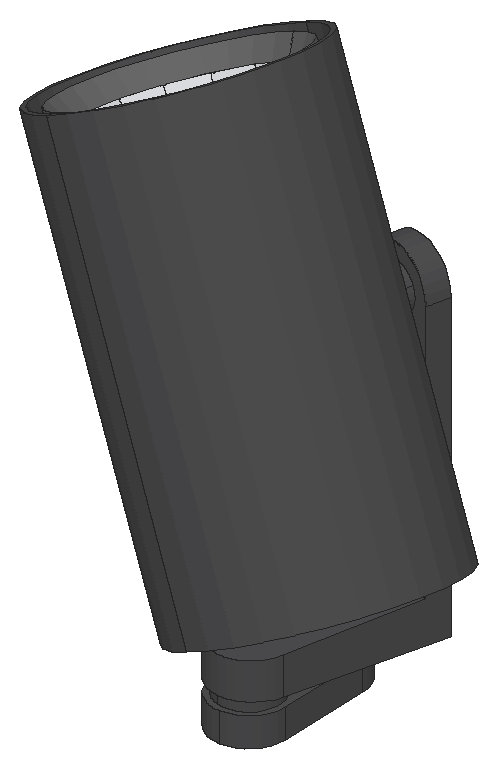
Revit family "Canilo", category Lighting Fixtures, host Face, Revit 2017
Family settings
  Host = Face
  Round Connector Dimension = Use Diameter
  Part Type = Normal
  OmniClass Number = 23.80.70.11
  OmniClass Title = Luminaries for Internal Lighting
  Cut with Voids When Loaded = No
  Light Source = No
  Shared = Yes
  Room Calculation Point = No
Parameters (values of type "CANILO  3P 05 LED2000-M VFL-c ETDD 05")
  z_rotation_calc [instance] = Z Rotation + 270.00°  # 285.00°
  system luminous flux = 1890 lm
  sample = ""
  profile = ""
  Z Rotation [instance] = 15.00°
  Y Rotation [instance] = 25.00°
  Width = 125 mm
  Weight = 1.8
  URL = "http://www.oktalite.com/"
  TK_Shade = ""
  TK_Optic = "10147536"
  TK_Frame = ""
  TK_Driver = ""
  TK_Body = "10161299"
  System performance = 31 VA
  Suspension length = 0
  Suspension Height = 0 mm
  SEO = Oktalite_Canilo_WH3100
  Reference = "CANILO"
  ProductDataSheet = "http://www.oktalite.com/datasheet_print.php?language=EN&productid=63&lampid=91"
  Mounting = "3-circuit track adapter"
  Modules = ""
  Module = ""
  Model = ""
  Material = ""
  Mat = Oktalite_Alu_RAL_9005
  Manufacturer = "Oktalite"  # constant formula
  Luminaire colour = "RAL 9005 jet black"
  Lumen category = "2000 lm"
  Lighting technology = "LED IQ"
  Light colour = "M"
  Light Source = Canilo_LS : CANILO_LED_SP_2700_2705
  Length = 105 mm
  Lamp = Lighting technology  # "LED IQ"
  Installation depth = 0
  IESFile = "CANILO_LED IQ_VFL.ies"
  Height = 215 mm
  Frame = ""
  DegreeOfProtection = "IP20"
  Default Elevation = 0 mm
  Cover / filter = "clear"
  Colour of lamp shade = ""
  Ceiling cut-out = 0 mm
  Canilo_Deko_Mat = Oktalite_Alu_RAL_9016
  CRI = "-"
  Beam angle = "Very Wide Flood"
  Apparent Load = System performance  # 31 VA
Reference planes
  plane 1 "Center (Front/Back)": y = 0
  plane 2: z = 0
  plane 3 "Center (Left/Right)": x = 0
  plane 4: x = 52.5
  plane 5: x = -52.5
  plane 6: y = 62.5
  plane 7: y = -62.5
  plane 8 "GH": z = 0
  plane 9: z = 143.25
Lines and regions (mm)
  reference lines
    curve 1: line (0, 0, 0) -> (113.837, 424.846, 0)
    curve 2: line (0, 0, 143.25) -> (40.065, -10.735, 54.299)
    curve 3: line (0, 0, 0) -> (0, 0, 143.25)
Dimensions and locks
  equal spacing: plane 7, plane 1 "Center (Front/Back)", plane 6
  "Width": plane 7 to plane 6
  equal spacing: plane 5, plane 3 "Center (Left/Right)", plane 4
  "Length": plane 5 to plane 4
  "Suspension Height": plane 8 "GH" to level
  plane 9 to plane 8 "GH" = 143.25 mm
  "z_rotation_calc": angle curve 1 to plane 1 "Center (Front/Back)"
  "Y Rotation": angle curve 2 to curve 3
  aligned and locked: plane 2 to host face
  aligned and locked: level to host face
  aligned and locked: plane 3 "Center (Left/Right)" to curve 1
  aligned and locked: plane 1 "Center (Front/Back)" to curve 1
  aligned and locked: plane 9 to curve 2
Automatic sketch dimensions
  host sketch curve to host sketch curve = 2438.4 mm  (x2)
  curve 3 to plane 9 = 0 mm
  curve 3 to plane 8 "GH" = 0 mm
  curve 2 to curve 3 = 0 mm
Nested families
  nested 1: "Oktalite_3P" at (0, 20, 0) x (-1, 0, 0) z (0, 0, 1), type "Oktalite_3P"
  nested 2: "Canilo_LS" at (-36.689, 9.885, 224.836) x (-0.8717, -0.3416, -0.3514) z (-0.4082, 0.1094, 0.9063), type <- "Light Source", type "CANILO_LED_SP_2700_2705"
  nested 3: "Canilo_br" at (0, 0, 0) x (0.2588, 0.9659, 0) z (0, 0, 1), type "Canilo_br"
  nested 4: "Canilo_lumhead" at (58.498, -15.674, 13.376) x (0.2588, 0.9659, 0) z (-0.4082, 0.1094, 0.9063), type "Canilo_lumhead"
Connectors
  electrical at (0, 20, 0), driven by "Apparent Load"
    settings: on nested 1, index 1, voltage 230 V, apparent load 0 VA, apparent load phase1 31 VA, apparent load phase2 0 VA, apparent load phase3 0 VA, power factor 1, load classification "Lighting", number of poles 1, system type 31, power factor state 1, is connector primary yes, connector utility no, sub classification motor no, connector description ""
Definition of nested family "Oktalite_3P"
  Parameters
    Mat = none
    Default Elevation = 1219.2 mm
  Reference planes
    plane 1 "Center (Front/Back)": y = 0
    plane 2: z = 0
    plane 3 "Center (Left/Right)": x = 0
  Forms (mm)
    Extrusion 1, solid, material <- "Mat"
      sketch origin (0, 0, 0) x (1, 0, 0) y (0, 1, 0)
        loop
          line (-15, 20) -> (-15, -20)
          arc (-15, -20) -> (-10.607, -30.607) -> (0, -35) r 15
          arc (0, -35) -> (10.607, -30.607) -> (15, -20) r 15
          line (15, -20) -> (15, 20)
          arc (15, 20) -> (10.607, 30.607) -> (0, 35) r 15
          arc (0, 35) -> (-10.607, 30.607) -> (-15, 20) r 15
      from 0 to 12
  Dimensions and locks
    aligned and locked: level to plane 2
Definition of nested family "Canilo_br"
  Parameters
    Mat = none
    Default Elevation = 1219.2 mm
  Reference planes
    plane 1 "Center (Front/Back)": y = 0
    plane 2: z = 0
    plane 3 "Center (Left/Right)": x = 0
  Forms (mm)
    Extrusion 1, solid, material <- "Mat"
      sketch origin (0, 0, 0) x (1, 0, 0) y (0, 1, 0)
        loop
          circle (0, 0) r 12.5
      from 12 to 17.302
    Extrusion 2, solid, material <- "Mat"
      sketch origin (0, 0, 0) x (1, 0, 0) y (0, 0, 1)
        loop
          line (-14.613, 17.302) -> (68.18, 17.302) -> (68.18, 158.834) -> (58.18, 158.834) -> (58.18, 34.844) -> (-14.613, 32.302) -> (-14.613, 17.302)
      from -16.5 to 16.5
    Extrusion 3, void
      sketch origin (0, 0, 0) x (1, 0, 0) y (0, 1, 0)
        loop
          line (1.887, 16.5) -> (1.887, 18.5) -> (-16.587, 18.5) -> (-16.587, -18.5) -> (1.887, -18.5) -> (1.887, -16.5)
          arc (1.887, -16.5) -> (-14.613, 0) -> (1.887, 16.5) r 16.5
      from 15.262 to 34.519
    Extrusion 4, void
      sketch origin (0, 0, 0) x (0, 1, 0) y (0, 0, 1)
        loop
          line (-18.5, 142.334) -> (-16.5, 142.334)
          arc (-16.5, 142.334) -> (0, 158.834) -> (16.5, 142.334) r 16.5
          line (16.5, 142.334) -> (18.5, 142.334) -> (18.5, 160.834) -> (-18.5, 160.834) -> (-18.5, 142.334)
      from 58.18 to 68.18
  Cuts and joins
    Extrusion 3, Extrusion 4 cuts Extrusion 2
  Dimensions and locks
    aligned and locked: level to plane 2
Definition of nested family "Canilo_lumhead"
  Parameters
    SEO = none
    Mat = none
    Default Elevation = 1219.2 mm
    Canilo_Deko_Mat = none
  Reference planes
    plane 1 "Center (Front/Back)": y = 0
    plane 2: z = 0
    plane 3 "Center (Left/Right)": x = 0
  Forms (mm)
    Revolve 1, solid, material <- "Mat"
      sketch origin (0, 0, 0) x (1, 0, 0) y (0, 0, 1)
        loop
          line (-52.547, 233.303) -> (-52.547, 53.303) -> (-49.547, 53.303) -> (-49.547, 63.303) -> (-45.547, 63.303) -> (-45.547, 53.303) -> (-43.547, 53.303) -> (-43.547, 55.303) -> (0, 55.303) -> (0, 223.303) -> (-40.547, 223.303) -> (-45.547, 231.915) -> (-45.547, 223.303) -> (-50.547, 223.303) -> (-50.547, 233.303) -> (-52.547, 233.303)
        axis (0, 233.303) -> (0, 53.303)
      angle from 0 to 360
    Extrusion 2, solid, material <- "Mat"
      sketch origin (0, 0, 0) x (0, 1, 0) y (0, 0, 1)
        loop
          circle (0, 142.334) r 10.25
      from 50.73 to 58.18
    Extrusion 3, void
      sketch origin (0, 0, 0) x (0, 1, 0) y (0, 0, 1)
        loop
          line (-13, 53.303) -> (13, 53.303) -> (13, 142.334)
          arc (13, 142.334) -> (0, 155.334) -> (-13, 142.334) r 13
          line (-13, 142.334) -> (-13, 53.303)
      from 50.73 to 53.61
    Blend 4, void
      base sketch origin (0, 0, 0) x (1, 0, 0) y (0, 1, 0)
        loop
          line (0, 40.547) -> (-15.517, 37.46) -> (-28.671, 28.671) -> (-37.46, 15.517) -> (-40.547, 0) -> (-37.46, -15.517) -> (-28.671, -28.671) -> (-15.517, -37.46) -> (0, -40.547) -> (15.517, -37.46) -> (28.671, -28.671) -> (37.46, -15.517) -> (40.547, 0) -> (37.46, 15.517) -> (28.671, 28.671) -> (15.517, 37.46) -> (0, 40.547)
      top sketch origin (0, 0, 0) x (1, 0, 0) y (0, 1, 0)
        loop
          line (0, 15) -> (-5.74, 13.858) -> (-10.607, 10.607) -> (-13.858, 5.74) -> (-15, 0) -> (-13.858, -5.74) -> (-10.607, -10.607) -> (-5.74, -13.858) -> (0, -15) -> (5.74, -13.858) -> (10.607, -10.607) -> (13.858, -5.74) -> (15, 0) -> (13.858, 5.74) -> (10.607, 10.607) -> (5.74, 13.858) -> (0, 15)
      from 223.303 to 173.3
  Cuts and joins
    Extrusion 3, Blend 4 cuts Revolve 1
  Dimensions and locks
    aligned and locked: level to plane 2
    aligned and locked: Revolve 1 sketch curve to plane 3 "Center (Left/Right)"
Definition of nested family "Canilo_LS"
  Parameters
    Wattage = 36 W
    built-in parameter 1150110 = 1 (stored number, unit not read)
    built-in parameter 1114217 = 1 (stored number, unit not read)
    Tilt Angle = -90.00°
    built-in parameter 1150109 = 1 (stored number, unit not read)
    built-in parameter 1150134 = 1
    built-in parameter 1150113 = 1 (stored number, unit not read)
    Photometric Web File = "Canilo_LED_WFL.ies"
    Lumens = 3625 lm
    built-in parameter 1150115 = 1 (stored number, unit not read)
    built-in parameter 1150105 = 109.82 (stored number, unit not read)
    built-in parameter 1150137 = (empty or 0)
    built-in parameter 1150139 = (empty or 0)
    built-in parameter 1150112 = 1 (stored number, unit not read)
    built-in parameter 1150114 = 1 (stored number, unit not read)
    Lamp = "LED IQ"
    built-in parameter 1150132 = 2
    built-in parameter 1150102 = (empty or 0)
    built-in parameter 1150138 = (empty or 0)
    built-in parameter 1150107 = 4000 (stored number, unit not read)
    built-in parameter 1150106 = 1.0982 (stored number, unit not read)
    built-in parameter 1150104 = 13.8 (stored number, unit not read)
    Dimming Lamp Color Temperature Shift = (empty or 0)
    Default Elevation = 1219.2 mm
    Color Filter = 16777215
    Beam angle = "Wide Flood"
    built-in parameter 1114218 = 1 (stored number, unit not read)
    built-in parameter 1150133 = 10 (stored number, unit not read)
  Reference planes
    plane 1 "Light Source Axis (F/B)": y = 0
    plane 2: z = 0
    plane 3 "Light Source Axis (L/R)": x = 0
    plane 4 "Light Source Elevation": z = 0
  Dimensions and locks
    aligned and locked: plane 3 "Light Source Axis (L/R)" to imposter light
    aligned and locked: plane 1 "Light Source Axis (F/B)" to imposter light
    aligned and locked: plane 4 "Light Source Elevation" to imposter light
    aligned and locked: level to plane 2
Types (810, lengths in mm): name | system luminous flux | TK_Optic | TK_Body | System performance | SEO | ProductDataSheet | Mat | Luminaire colour | Lumen category | Lighting technology | Light colour | Lamp | IESFile | Cover / filter | CRI | Beam angle | Apparent Load
  CANILO  3P 05 LED2000-M VFL-c ETDD 05 | 1890 lm | "10147536" | "10161299" | 31 VA | Oktalite_Canilo_WH3100 | "http://www.oktalite.com/datasheet_print.php?language=EN&productid=63&lampid=91" | Oktalite_Alu_RAL_9005 | "RAL 9005 jet black" | "2000 lm" | "LED IQ" | "M" | "LED IQ" | "CANILO_LED IQ_VFL.ies" | "clear" | "-" | "Very Wide Flood" | 31 VA
  CANILO  3P 05 LED2000-M VFL  ETDD 05 | 1890 lm | "10147502" | "10161299" | 31 VA | Oktalite_Canilo_WH3100 | "http://www.oktalite.com/datasheet_print.php?language=EN&productid=63&lampid=91" | Oktalite_Alu_RAL_9005 | "RAL 9005 jet black" | "2000 lm" | "LED IQ" | "M" | "LED IQ" | "CANILO_LED IQ_VFL.ies" | "without" | "-" | "Very Wide Flood" | 31 VA
  CANILO  3P 05 LED2000-M WFL-c ETDD 05 | 1890 lm | "10147535" | "10161299" | 31 VA | Oktalite_Canilo_WH3100 | "http://www.oktalite.com/datasheet_print.php?language=EN&productid=63&lampid=91" | Oktalite_Alu_RAL_9005 | "RAL 9005 jet black" | "2000 lm" | "LED IQ" | "M" | "LED IQ" | "CANILO_LED IQ_WFL.ies" | "clear" | "-" | "Wide Flood" | 31 VA
  CANILO  3P 05 LED2000-M WFL  ETDD 05 | 1890 lm | "10147501" | "10161299" | 31 VA | Oktalite_Canilo_WH3100 | "http://www.oktalite.com/datasheet_print.php?language=EN&productid=63&lampid=91" | Oktalite_Alu_RAL_9005 | "RAL 9005 jet black" | "2000 lm" | "LED IQ" | "M" | "LED IQ" | "CANILO_LED IQ_WFL.ies" | "without" | "-" | "Wide Flood" | 31 VA
  CANILO  3P 05 LED2000-M FL-c ETDD 05 | 1890 lm | "10127064" | "10161299" | 31 VA | Oktalite_Canilo_WH3100 | "http://www.oktalite.com/datasheet_print.php?language=EN&productid=63&lampid=91" | Oktalite_Alu_RAL_9005 | "RAL 9005 jet black" | "2000 lm" | "LED IQ" | "M" | "LED IQ" | "CANILO_LED IQ_FL.ies" | "clear" | "-" | "Flood" | 31 VA
  CANILO  3P 05 LED2000-M FL  ETDD 05 | 1890 lm | "10125196" | "10161299" | 31 VA | Oktalite_Canilo_WH3100 | "http://www.oktalite.com/datasheet_print.php?language=EN&productid=63&lampid=91" | Oktalite_Alu_RAL_9005 | "RAL 9005 jet black" | "2000 lm" | "LED IQ" | "M" | "LED IQ" | "CANILO_LED IQ_FL.ies" | "without" | "-" | "Flood" | 31 VA
  CANILO  3P 05 LED2000-M MF-c ETDD 05 | 1890 lm | "10127063" | "10161299" | 31 VA | Oktalite_Canilo_WH3100 | "http://www.oktalite.com/datasheet_print.php?language=EN&productid=63&lampid=91" | Oktalite_Alu_RAL_9005 | "RAL 9005 jet black" | "2000 lm" | "LED IQ" | "M" | "LED IQ" | "CANILO_LED IQ_MF.ies" | "clear" | "-" | "Medium Flood" | 31 VA
  CANILO  3P 05 LED2000-M MF  ETDD 05 | 1890 lm | "10125193" | "10161299" | 31 VA | Oktalite_Canilo_WH3100 | "http://www.oktalite.com/datasheet_print.php?language=EN&productid=63&lampid=91" | Oktalite_Alu_RAL_9005 | "RAL 9005 jet black" | "2000 lm" | "LED IQ" | "M" | "LED IQ" | "CANILO_LED IQ_MF.ies" | "without" | "-" | "Medium Flood" | 31 VA
  CANILO  3P 05 LED2000-M SP-c ETDD 05 | 1890 lm | "10127062" | "10161299" | 31 VA | Oktalite_Canilo_WH3100 | "http://www.oktalite.com/datasheet_print.php?language=EN&productid=63&lampid=91" | Oktalite_Alu_RAL_9005 | "RAL 9005 jet black" | "2000 lm" | "LED IQ" | "M" | "LED IQ" | "CANILO_LED IQ_SP.ies" | "clear" | "-" | "Spot" | 31 VA
  CANILO  3P 05 LED2000-M SP  ETDD 05 | 1890 lm | "10125190" | "10161299" | 31 VA | Oktalite_Canilo_WH3100 | "http://www.oktalite.com/datasheet_print.php?language=EN&productid=63&lampid=91" | Oktalite_Alu_RAL_9005 | "RAL 9005 jet black" | "2000 lm" | "LED IQ" | "M" | "LED IQ" | "CANILO_LED IQ_SP.ies" | "without" | "-" | "Spot" | 31 VA
  CANILO  3P 05 LED2000-M VFL-c ETDD 03 | 1890 lm | "10147536" | "10161298" | 31 VA | Oktalite_Canilo_WH3100 | "http://www.oktalite.com/datasheet_print.php?language=EN&productid=63&lampid=91" | Oktalite_Alu_RAL_9006 | "RAL 9006 white aluminium" | "2000 lm" | "LED IQ" | "M" | "LED IQ" | "CANILO_LED IQ_VFL.ies" | "clear" | "-" | "Very Wide Flood" | 31 VA
  CANILO  3P 05 LED2000-M VFL  ETDD 03 | 1890 lm | "10147502" | "10161298" | 31 VA | Oktalite_Canilo_WH3100 | "http://www.oktalite.com/datasheet_print.php?language=EN&productid=63&lampid=91" | Oktalite_Alu_RAL_9006 | "RAL 9006 white aluminium" | "2000 lm" | "LED IQ" | "M" | "LED IQ" | "CANILO_LED IQ_VFL.ies" | "without" | "-" | "Very Wide Flood" | 31 VA
  CANILO  3P 05 LED2000-M WFL-c ETDD 03 | 1890 lm | "10147535" | "10161298" | 31 VA | Oktalite_Canilo_WH3100 | "http://www.oktalite.com/datasheet_print.php?language=EN&productid=63&lampid=91" | Oktalite_Alu_RAL_9006 | "RAL 9006 white aluminium" | "2000 lm" | "LED IQ" | "M" | "LED IQ" | "CANILO_LED IQ_WFL.ies" | "clear" | "-" | "Wide Flood" | 31 VA
  CANILO  3P 05 LED2000-M WFL  ETDD 03 | 1890 lm | "10147501" | "10161298" | 31 VA | Oktalite_Canilo_WH3100 | "http://www.oktalite.com/datasheet_print.php?language=EN&productid=63&lampid=91" | Oktalite_Alu_RAL_9006 | "RAL 9006 white aluminium" | "2000 lm" | "LED IQ" | "M" | "LED IQ" | "CANILO_LED IQ_WFL.ies" | "without" | "-" | "Wide Flood" | 31 VA
  CANILO  3P 05 LED2000-M FL-c ETDD 03 | 1890 lm | "10127064" | "10161298" | 31 VA | Oktalite_Canilo_WH3100 | "http://www.oktalite.com/datasheet_print.php?language=EN&productid=63&lampid=91" | Oktalite_Alu_RAL_9006 | "RAL 9006 white aluminium" | "2000 lm" | "LED IQ" | "M" | "LED IQ" | "CANILO_LED IQ_FL.ies" | "clear" | "-" | "Flood" | 31 VA
  CANILO  3P 05 LED2000-M FL  ETDD 03 | 1890 lm | "10125196" | "10161298" | 31 VA | Oktalite_Canilo_WH3100 | "http://www.oktalite.com/datasheet_print.php?language=EN&productid=63&lampid=91" | Oktalite_Alu_RAL_9006 | "RAL 9006 white aluminium" | "2000 lm" | "LED IQ" | "M" | "LED IQ" | "CANILO_LED IQ_FL.ies" | "without" | "-" | "Flood" | 31 VA
  CANILO  3P 05 LED2000-M MF-c ETDD 03 | 1890 lm | "10127063" | "10161298" | 31 VA | Oktalite_Canilo_WH3100 | "http://www.oktalite.com/datasheet_print.php?language=EN&productid=63&lampid=91" | Oktalite_Alu_RAL_9006 | "RAL 9006 white aluminium" | "2000 lm" | "LED IQ" | "M" | "LED IQ" | "CANILO_LED IQ_MF.ies" | "clear" | "-" | "Medium Flood" | 31 VA
  CANILO  3P 05 LED2000-M MF  ETDD 03 | 1890 lm | "10125193" | "10161298" | 31 VA | Oktalite_Canilo_WH3100 | "http://www.oktalite.com/datasheet_print.php?language=EN&productid=63&lampid=91" | Oktalite_Alu_RAL_9006 | "RAL 9006 white aluminium" | "2000 lm" | "LED IQ" | "M" | "LED IQ" | "CANILO_LED IQ_MF.ies" | "without" | "-" | "Medium Flood" | 31 VA
  CANILO  3P 05 LED2000-M SP-c ETDD 03 | 1890 lm | "10127062" | "10161298" | 31 VA | Oktalite_Canilo_WH3100 | "http://www.oktalite.com/datasheet_print.php?language=EN&productid=63&lampid=91" | Oktalite_Alu_RAL_9006 | "RAL 9006 white aluminium" | "2000 lm" | "LED IQ" | "M" | "LED IQ" | "CANILO_LED IQ_SP.ies" | "clear" | "-" | "Spot" | 31 VA
  CANILO  3P 05 LED2000-M SP  ETDD 03 | 1890 lm | "10125190" | "10161298" | 31 VA | Oktalite_Canilo_WH3100 | "http://www.oktalite.com/datasheet_print.php?language=EN&productid=63&lampid=91" | Oktalite_Alu_RAL_9006 | "RAL 9006 white aluminium" | "2000 lm" | "LED IQ" | "M" | "LED IQ" | "CANILO_LED IQ_SP.ies" | "without" | "-" | "Spot" | 31 VA
  CANILO  3P 01 LED2000-M VFL-c ETDD 01 | 1890 lm | "10147536" | "10161297" | 31 VA | Oktalite_Canilo_WH3100 | "http://www.oktalite.com/datasheet_print.php?language=EN&productid=63&lampid=91" | Oktalite_Alu_RAL_9016 | "RAL 9016 traffic white" | "2000 lm" | "LED IQ" | "M" | "LED IQ" | "CANILO_LED IQ_VFL.ies" | "clear" | "-" | "Very Wide Flood" | 31 VA
  CANILO  3P 01 LED2000-M VFL  ETDD 01 | 1890 lm | "10147502" | "10161297" | 31 VA | Oktalite_Canilo_WH3100 | "http://www.oktalite.com/datasheet_print.php?language=EN&productid=63&lampid=91" | Oktalite_Alu_RAL_9016 | "RAL 9016 traffic white" | "2000 lm" | "LED IQ" | "M" | "LED IQ" | "CANILO_LED IQ_VFL.ies" | "without" | "-" | "Very Wide Flood" | 31 VA
  CANILO  3P 01 LED2000-M WFL-c ETDD 01 | 1890 lm | "10147535" | "10161297" | 31 VA | Oktalite_Canilo_WH3100 | "http://www.oktalite.com/datasheet_print.php?language=EN&productid=63&lampid=91" | Oktalite_Alu_RAL_9016 | "RAL 9016 traffic white" | "2000 lm" | "LED IQ" | "M" | "LED IQ" | "CANILO_LED IQ_WFL.ies" | "clear" | "-" | "Wide Flood" | 31 VA
  CANILO  3P 01 LED2000-M WFL  ETDD 01 | 1890 lm | "10147501" | "10161297" | 31 VA | Oktalite_Canilo_WH3100 | "http://www.oktalite.com/datasheet_print.php?language=EN&productid=63&lampid=91" | Oktalite_Alu_RAL_9016 | "RAL 9016 traffic white" | "2000 lm" | "LED IQ" | "M" | "LED IQ" | "CANILO_LED IQ_WFL.ies" | "without" | "-" | "Wide Flood" | 31 VA
  CANILO  3P 01 LED2000-M FL-c ETDD 01 | 1890 lm | "10127064" | "10161297" | 31 VA | Oktalite_Canilo_WH3100 | "http://www.oktalite.com/datasheet_print.php?language=EN&productid=63&lampid=91" | Oktalite_Alu_RAL_9016 | "RAL 9016 traffic white" | "2000 lm" | "LED IQ" | "M" | "LED IQ" | "CANILO_LED IQ_FL.ies" | "clear" | "-" | "Flood" | 31 VA
  CANILO  3P 01 LED2000-M FL  ETDD 01 | 1890 lm | "10125196" | "10161297" | 31 VA | Oktalite_Canilo_WH3100 | "http://www.oktalite.com/datasheet_print.php?language=EN&productid=63&lampid=91" | Oktalite_Alu_RAL_9016 | "RAL 9016 traffic white" | "2000 lm" | "LED IQ" | "M" | "LED IQ" | "CANILO_LED IQ_FL.ies" | "without" | "-" | "Flood" | 31 VA
  CANILO  3P 01 LED2000-M MF-c ETDD 01 | 1890 lm | "10127063" | "10161297" | 31 VA | Oktalite_Canilo_WH3100 | "http://www.oktalite.com/datasheet_print.php?language=EN&productid=63&lampid=91" | Oktalite_Alu_RAL_9016 | "RAL 9016 traffic white" | "2000 lm" | "LED IQ" | "M" | "LED IQ" | "CANILO_LED IQ_MF.ies" | "clear" | "-" | "Medium Flood" | 31 VA
  CANILO  3P 01 LED2000-M MF  ETDD 01 | 1890 lm | "10125193" | "10161297" | 31 VA | Oktalite_Canilo_WH3100 | "http://www.oktalite.com/datasheet_print.php?language=EN&productid=63&lampid=91" | Oktalite_Alu_RAL_9016 | "RAL 9016 traffic white" | "2000 lm" | "LED IQ" | "M" | "LED IQ" | "CANILO_LED IQ_MF.ies" | "without" | "-" | "Medium Flood" | 31 VA
  CANILO  3P 01 LED2000-M SP-c ETDD 01 | 1890 lm | "10127062" | "10161297" | 31 VA | Oktalite_Canilo_WH3100 | "http://www.oktalite.com/datasheet_print.php?language=EN&productid=63&lampid=91" | Oktalite_Alu_RAL_9016 | "RAL 9016 traffic white" | "2000 lm" | "LED IQ" | "M" | "LED IQ" | "CANILO_LED IQ_SP.ies" | "clear" | "-" | "Spot" | 31 VA
  CANILO  3P 01 LED2000-M SP  ETDD 01 | 1890 lm | "10125190" | "10161297" | 31 VA | Oktalite_Canilo_WH3100 | "http://www.oktalite.com/datasheet_print.php?language=EN&productid=63&lampid=91" | Oktalite_Alu_RAL_9016 | "RAL 9016 traffic white" | "2000 lm" | "LED IQ" | "M" | "LED IQ" | "CANILO_LED IQ_SP.ies" | "without" | "-" | "Spot" | 31 VA
  CANILO  3P 05 LED2000-M+F VFL-c ETDD 05 | 1785 lm | "10147536" | "10161308" | 31 VA | Oktalite_Canilo_WH3100 | "http://www.oktalite.com/datasheet_print.php?language=EN&productid=63&lampid=91" | Oktalite_Alu_RAL_9005 | "RAL 9005 jet black" | "2000 lm" | "LED IQ" | "M+F" | "LED IQ" | "CANILO_LED IQ_VFL.ies" | "clear" | "-" | "Very Wide Flood" | 31 VA
  CANILO  3P 05 LED2000-M+F VFL  ETDD 05 | 1785 lm | "10147502" | "10161308" | 31 VA | Oktalite_Canilo_WH3100 | "http://www.oktalite.com/datasheet_print.php?language=EN&productid=63&lampid=91" | Oktalite_Alu_RAL_9005 | "RAL 9005 jet black" | "2000 lm" | "LED IQ" | "M+F" | "LED IQ" | "CANILO_LED IQ_VFL.ies" | "without" | "-" | "Very Wide Flood" | 31 VA
  CANILO  3P 05 LED2000-M+F WFL-c ETDD 05 | 1785 lm | "10147535" | "10161308" | 31 VA | Oktalite_Canilo_WH3100 | "http://www.oktalite.com/datasheet_print.php?language=EN&productid=63&lampid=91" | Oktalite_Alu_RAL_9005 | "RAL 9005 jet black" | "2000 lm" | "LED IQ" | "M+F" | "LED IQ" | "CANILO_LED IQ_WFL.ies" | "clear" | "-" | "Wide Flood" | 31 VA
  CANILO  3P 05 LED2000-M+F WFL  ETDD 05 | 1785 lm | "10147501" | "10161308" | 31 VA | Oktalite_Canilo_WH3100 | "http://www.oktalite.com/datasheet_print.php?language=EN&productid=63&lampid=91" | Oktalite_Alu_RAL_9005 | "RAL 9005 jet black" | "2000 lm" | "LED IQ" | "M+F" | "LED IQ" | "CANILO_LED IQ_WFL.ies" | "without" | "-" | "Wide Flood" | 31 VA
  CANILO  3P 05 LED2000-M+F FL-c ETDD 05 | 1785 lm | "10127064" | "10161308" | 31 VA | Oktalite_Canilo_WH3100 | "http://www.oktalite.com/datasheet_print.php?language=EN&productid=63&lampid=91" | Oktalite_Alu_RAL_9005 | "RAL 9005 jet black" | "2000 lm" | "LED IQ" | "M+F" | "LED IQ" | "CANILO_LED IQ_FL.ies" | "clear" | "-" | "Flood" | 31 VA
  CANILO  3P 05 LED2000-M+F FL  ETDD 05 | 1785 lm | "10125196" | "10161308" | 31 VA | Oktalite_Canilo_WH3100 | "http://www.oktalite.com/datasheet_print.php?language=EN&productid=63&lampid=91" | Oktalite_Alu_RAL_9005 | "RAL 9005 jet black" | "2000 lm" | "LED IQ" | "M+F" | "LED IQ" | "CANILO_LED IQ_FL.ies" | "without" | "-" | "Flood" | 31 VA
  CANILO  3P 05 LED2000-M+F MF-c ETDD 05 | 1785 lm | "10127063" | "10161308" | 31 VA | Oktalite_Canilo_WH3100 | "http://www.oktalite.com/datasheet_print.php?language=EN&productid=63&lampid=91" | Oktalite_Alu_RAL_9005 | "RAL 9005 jet black" | "2000 lm" | "LED IQ" | "M+F" | "LED IQ" | "CANILO_LED IQ_MF.ies" | "clear" | "-" | "Medium Flood" | 31 VA
  CANILO  3P 05 LED2000-M+F MF  ETDD 05 | 1785 lm | "10125193" | "10161308" | 31 VA | Oktalite_Canilo_WH3100 | "http://www.oktalite.com/datasheet_print.php?language=EN&productid=63&lampid=91" | Oktalite_Alu_RAL_9005 | "RAL 9005 jet black" | "2000 lm" | "LED IQ" | "M+F" | "LED IQ" | "CANILO_LED IQ_MF.ies" | "without" | "-" | "Medium Flood" | 31 VA
  CANILO  3P 05 LED2000-M+F SP-c ETDD 05 | 1785 lm | "10127062" | "10161308" | 31 VA | Oktalite_Canilo_WH3100 | "http://www.oktalite.com/datasheet_print.php?language=EN&productid=63&lampid=91" | Oktalite_Alu_RAL_9005 | "RAL 9005 jet black" | "2000 lm" | "LED IQ" | "M+F" | "LED IQ" | "CANILO_LED IQ_SP.ies" | "clear" | "-" | "Spot" | 31 VA
  CANILO  3P 05 LED2000-M+F SP  ETDD 05 | 1785 lm | "10125190" | "10161308" | 31 VA | Oktalite_Canilo_WH3100 | "http://www.oktalite.com/datasheet_print.php?language=EN&productid=63&lampid=91" | Oktalite_Alu_RAL_9005 | "RAL 9005 jet black" | "2000 lm" | "LED IQ" | "M+F" | "LED IQ" | "CANILO_LED IQ_SP.ies" | "without" | "-" | "Spot" | 31 VA
  CANILO  3P 05 LED2000-M+F VFL-c ETDD 03 | 1785 lm | "10147536" | "10161307" | 31 VA | Oktalite_Canilo_WH3100 | "http://www.oktalite.com/datasheet_print.php?language=EN&productid=63&lampid=91" | Oktalite_Alu_RAL_9006 | "RAL 9006 white aluminium" | "2000 lm" | "LED IQ" | "M+F" | "LED IQ" | "CANILO_LED IQ_VFL.ies" | "clear" | "-" | "Very Wide Flood" | 31 VA
  CANILO  3P 05 LED2000-M+F VFL  ETDD 03 | 1785 lm | "10147502" | "10161307" | 31 VA | Oktalite_Canilo_WH3100 | "http://www.oktalite.com/datasheet_print.php?language=EN&productid=63&lampid=91" | Oktalite_Alu_RAL_9006 | "RAL 9006 white aluminium" | "2000 lm" | "LED IQ" | "M+F" | "LED IQ" | "CANILO_LED IQ_VFL.ies" | "without" | "-" | "Very Wide Flood" | 31 VA
  CANILO  3P 05 LED2000-M+F WFL-c ETDD 03 | 1785 lm | "10147535" | "10161307" | 31 VA | Oktalite_Canilo_WH3100 | "http://www.oktalite.com/datasheet_print.php?language=EN&productid=63&lampid=91" | Oktalite_Alu_RAL_9006 | "RAL 9006 white aluminium" | "2000 lm" | "LED IQ" | "M+F" | "LED IQ" | "CANILO_LED IQ_WFL.ies" | "clear" | "-" | "Wide Flood" | 31 VA
  CANILO  3P 05 LED2000-M+F WFL  ETDD 03 | 1785 lm | "10147501" | "10161307" | 31 VA | Oktalite_Canilo_WH3100 | "http://www.oktalite.com/datasheet_print.php?language=EN&productid=63&lampid=91" | Oktalite_Alu_RAL_9006 | "RAL 9006 white aluminium" | "2000 lm" | "LED IQ" | "M+F" | "LED IQ" | "CANILO_LED IQ_WFL.ies" | "without" | "-" | "Wide Flood" | 31 VA
  CANILO  3P 05 LED2000-M+F FL-c ETDD 03 | 1785 lm | "10127064" | "10161307" | 31 VA | Oktalite_Canilo_WH3100 | "http://www.oktalite.com/datasheet_print.php?language=EN&productid=63&lampid=91" | Oktalite_Alu_RAL_9006 | "RAL 9006 white aluminium" | "2000 lm" | "LED IQ" | "M+F" | "LED IQ" | "CANILO_LED IQ_FL.ies" | "clear" | "-" | "Flood" | 31 VA
  CANILO  3P 05 LED2000-M+F FL  ETDD 03 | 1785 lm | "10125196" | "10161307" | 31 VA | Oktalite_Canilo_WH3100 | "http://www.oktalite.com/datasheet_print.php?language=EN&productid=63&lampid=91" | Oktalite_Alu_RAL_9006 | "RAL 9006 white aluminium" | "2000 lm" | "LED IQ" | "M+F" | "LED IQ" | "CANILO_LED IQ_FL.ies" | "without" | "-" | "Flood" | 31 VA
  CANILO  3P 05 LED2000-M+F MF-c ETDD 03 | 1785 lm | "10127063" | "10161307" | 31 VA | Oktalite_Canilo_WH3100 | "http://www.oktalite.com/datasheet_print.php?language=EN&productid=63&lampid=91" | Oktalite_Alu_RAL_9006 | "RAL 9006 white aluminium" | "2000 lm" | "LED IQ" | "M+F" | "LED IQ" | "CANILO_LED IQ_MF.ies" | "clear" | "-" | "Medium Flood" | 31 VA
  CANILO  3P 05 LED2000-M+F MF  ETDD 03 | 1785 lm | "10125193" | "10161307" | 31 VA | Oktalite_Canilo_WH3100 | "http://www.oktalite.com/datasheet_print.php?language=EN&productid=63&lampid=91" | Oktalite_Alu_RAL_9006 | "RAL 9006 white aluminium" | "2000 lm" | "LED IQ" | "M+F" | "LED IQ" | "CANILO_LED IQ_MF.ies" | "without" | "-" | "Medium Flood" | 31 VA
  CANILO  3P 05 LED2000-M+F SP-c ETDD 03 | 1785 lm | "10127062" | "10161307" | 31 VA | Oktalite_Canilo_WH3100 | "http://www.oktalite.com/datasheet_print.php?language=EN&productid=63&lampid=91" | Oktalite_Alu_RAL_9006 | "RAL 9006 white aluminium" | "2000 lm" | "LED IQ" | "M+F" | "LED IQ" | "CANILO_LED IQ_SP.ies" | "clear" | "-" | "Spot" | 31 VA
  CANILO  3P 05 LED2000-M+F SP  ETDD 03 | 1785 lm | "10125190" | "10161307" | 31 VA | Oktalite_Canilo_WH3100 | "http://www.oktalite.com/datasheet_print.php?language=EN&productid=63&lampid=91" | Oktalite_Alu_RAL_9006 | "RAL 9006 white aluminium" | "2000 lm" | "LED IQ" | "M+F" | "LED IQ" | "CANILO_LED IQ_SP.ies" | "without" | "-" | "Spot" | 31 VA
  CANILO  3P 01 LED2000-M+F VFL-c ETDD 01 | 1785 lm | "10147536" | "10161306" | 31 VA | Oktalite_Canilo_WH3100 | "http://www.oktalite.com/datasheet_print.php?language=EN&productid=63&lampid=91" | Oktalite_Alu_RAL_9016 | "RAL 9016 traffic white" | "2000 lm" | "LED IQ" | "M+F" | "LED IQ" | "CANILO_LED IQ_VFL.ies" | "clear" | "-" | "Very Wide Flood" | 31 VA
  CANILO  3P 01 LED2000-M+F VFL  ETDD 01 | 1785 lm | "10147502" | "10161306" | 31 VA | Oktalite_Canilo_WH3100 | "http://www.oktalite.com/datasheet_print.php?language=EN&productid=63&lampid=91" | Oktalite_Alu_RAL_9016 | "RAL 9016 traffic white" | "2000 lm" | "LED IQ" | "M+F" | "LED IQ" | "CANILO_LED IQ_VFL.ies" | "without" | "-" | "Very Wide Flood" | 31 VA
  CANILO  3P 01 LED2000-M+F WFL-c ETDD 01 | 1785 lm | "10147535" | "10161306" | 31 VA | Oktalite_Canilo_WH3100 | "http://www.oktalite.com/datasheet_print.php?language=EN&productid=63&lampid=91" | Oktalite_Alu_RAL_9016 | "RAL 9016 traffic white" | "2000 lm" | "LED IQ" | "M+F" | "LED IQ" | "CANILO_LED IQ_WFL.ies" | "clear" | "-" | "Wide Flood" | 31 VA
  CANILO  3P 01 LED2000-M+F WFL  ETDD 01 | 1785 lm | "10147501" | "10161306" | 31 VA | Oktalite_Canilo_WH3100 | "http://www.oktalite.com/datasheet_print.php?language=EN&productid=63&lampid=91" | Oktalite_Alu_RAL_9016 | "RAL 9016 traffic white" | "2000 lm" | "LED IQ" | "M+F" | "LED IQ" | "CANILO_LED IQ_WFL.ies" | "without" | "-" | "Wide Flood" | 31 VA
  CANILO  3P 01 LED2000-M+F FL-c ETDD 01 | 1785 lm | "10127064" | "10161306" | 31 VA | Oktalite_Canilo_WH3100 | "http://www.oktalite.com/datasheet_print.php?language=EN&productid=63&lampid=91" | Oktalite_Alu_RAL_9016 | "RAL 9016 traffic white" | "2000 lm" | "LED IQ" | "M+F" | "LED IQ" | "CANILO_LED IQ_FL.ies" | "clear" | "-" | "Flood" | 31 VA
  CANILO  3P 01 LED2000-M+F FL  ETDD 01 | 1785 lm | "10125196" | "10161306" | 31 VA | Oktalite_Canilo_WH3100 | "http://www.oktalite.com/datasheet_print.php?language=EN&productid=63&lampid=91" | Oktalite_Alu_RAL_9016 | "RAL 9016 traffic white" | "2000 lm" | "LED IQ" | "M+F" | "LED IQ" | "CANILO_LED IQ_FL.ies" | "without" | "-" | "Flood" | 31 VA
  CANILO  3P 01 LED2000-M+F MF-c ETDD 01 | 1785 lm | "10127063" | "10161306" | 31 VA | Oktalite_Canilo_WH3100 | "http://www.oktalite.com/datasheet_print.php?language=EN&productid=63&lampid=91" | Oktalite_Alu_RAL_9016 | "RAL 9016 traffic white" | "2000 lm" | "LED IQ" | "M+F" | "LED IQ" | "CANILO_LED IQ_MF.ies" | "clear" | "-" | "Medium Flood" | 31 VA
  CANILO  3P 01 LED2000-M+F MF  ETDD 01 | 1785 lm | "10125193" | "10161306" | 31 VA | Oktalite_Canilo_WH3100 | "http://www.oktalite.com/datasheet_print.php?language=EN&productid=63&lampid=91" | Oktalite_Alu_RAL_9016 | "RAL 9016 traffic white" | "2000 lm" | "LED IQ" | "M+F" | "LED IQ" | "CANILO_LED IQ_MF.ies" | "without" | "-" | "Medium Flood" | 31 VA
  CANILO  3P 01 LED2000-M+F SP-c ETDD 01 | 1785 lm | "10127062" | "10161306" | 31 VA | Oktalite_Canilo_WH3100 | "http://www.oktalite.com/datasheet_print.php?language=EN&productid=63&lampid=91" | Oktalite_Alu_RAL_9016 | "RAL 9016 traffic white" | "2000 lm" | "LED IQ" | "M+F" | "LED IQ" | "CANILO_LED IQ_SP.ies" | "clear" | "-" | "Spot" | 31 VA
  CANILO  3P 01 LED2000-M+F SP  ETDD 01 | 1785 lm | "10125190" | "10161306" | 31 VA | Oktalite_Canilo_WH3100 | "http://www.oktalite.com/datasheet_print.php?language=EN&productid=63&lampid=91" | Oktalite_Alu_RAL_9016 | "RAL 9016 traffic white" | "2000 lm" | "LED IQ" | "M+F" | "LED IQ" | "CANILO_LED IQ_SP.ies" | "without" | "-" | "Spot" | 31 VA
  CANILO  3P 05 LED3000-931 VFL-c ETDD 05 | 2895 lm | "10147536" | "10161681" | 32 VA | Oktalite_Canilo_WH3100 | "http://www.oktalite.com/datasheet_print.php?language=EN&productid=63&lampid=91" | Oktalite_Alu_RAL_9005 | "RAL 9005 jet black" | "3000 lm" | "LED IQ" | "3100 K Best Colour" | "LED IQ" | "CANILO_LED IQ_VFL.ies" | "clear" | "95" | "Very Wide Flood" | 32 VA
  CANILO  3P 05 LED3000-931 VFL  ETDD 05 | 2895 lm | "10147502" | "10161681" | 32 VA | Oktalite_Canilo_WH3100 | "http://www.oktalite.com/datasheet_print.php?language=EN&productid=63&lampid=91" | Oktalite_Alu_RAL_9005 | "RAL 9005 jet black" | "3000 lm" | "LED IQ" | "3100 K Best Colour" | "LED IQ" | "CANILO_LED IQ_VFL.ies" | "without" | "95" | "Very Wide Flood" | 32 VA
  CANILO  3P 05 LED3000-931 WFL-c ETDD 05 | 2895 lm | "10147535" | "10161681" | 32 VA | Oktalite_Canilo_WH3100 | "http://www.oktalite.com/datasheet_print.php?language=EN&productid=63&lampid=91" | Oktalite_Alu_RAL_9005 | "RAL 9005 jet black" | "3000 lm" | "LED IQ" | "3100 K Best Colour" | "LED IQ" | "CANILO_LED IQ_WFL.ies" | "clear" | "95" | "Wide Flood" | 32 VA
  CANILO  3P 05 LED3000-931 WFL  ETDD 05 | 2895 lm | "10147501" | "10161681" | 32 VA | Oktalite_Canilo_WH3100 | "http://www.oktalite.com/datasheet_print.php?language=EN&productid=63&lampid=91" | Oktalite_Alu_RAL_9005 | "RAL 9005 jet black" | "3000 lm" | "LED IQ" | "3100 K Best Colour" | "LED IQ" | "CANILO_LED IQ_WFL.ies" | "without" | "95" | "Wide Flood" | 32 VA
  CANILO  3P 05 LED3000-931 FL-c ETDD 05 | 2895 lm | "10127064" | "10161681" | 32 VA | Oktalite_Canilo_WH3100 | "http://www.oktalite.com/datasheet_print.php?language=EN&productid=63&lampid=91" | Oktalite_Alu_RAL_9005 | "RAL 9005 jet black" | "3000 lm" | "LED IQ" | "3100 K Best Colour" | "LED IQ" | "CANILO_LED IQ_FL.ies" | "clear" | "95" | "Flood" | 32 VA
  CANILO  3P 05 LED3000-931 FL  ETDD 05 | 2895 lm | "10125196" | "10161681" | 32 VA | Oktalite_Canilo_WH3100 | "http://www.oktalite.com/datasheet_print.php?language=EN&productid=63&lampid=91" | Oktalite_Alu_RAL_9005 | "RAL 9005 jet black" | "3000 lm" | "LED IQ" | "3100 K Best Colour" | "LED IQ" | "CANILO_LED IQ_FL.ies" | "without" | "95" | "Flood" | 32 VA
  CANILO  3P 05 LED3000-931 MF-c ETDD 05 | 2895 lm | "10127063" | "10161681" | 32 VA | Oktalite_Canilo_WH3100 | "http://www.oktalite.com/datasheet_print.php?language=EN&productid=63&lampid=91" | Oktalite_Alu_RAL_9005 | "RAL 9005 jet black" | "3000 lm" | "LED IQ" | "3100 K Best Colour" | "LED IQ" | "CANILO_LED IQ_MF.ies" | "clear" | "95" | "Medium Flood" | 32 VA
  CANILO  3P 05 LED3000-931 MF  ETDD 05 | 2895 lm | "10125193" | "10161681" | 32 VA | Oktalite_Canilo_WH3100 | "http://www.oktalite.com/datasheet_print.php?language=EN&productid=63&lampid=91" | Oktalite_Alu_RAL_9005 | "RAL 9005 jet black" | "3000 lm" | "LED IQ" | "3100 K Best Colour" | "LED IQ" | "CANILO_LED IQ_MF.ies" | "without" | "95" | "Medium Flood" | 32 VA
  CANILO  3P 05 LED3000-931 SP-c ETDD 05 | 2895 lm | "10127062" | "10161681" | 32 VA | Oktalite_Canilo_WH3100 | "http://www.oktalite.com/datasheet_print.php?language=EN&productid=63&lampid=91" | Oktalite_Alu_RAL_9005 | "RAL 9005 jet black" | "3000 lm" | "LED IQ" | "3100 K Best Colour" | "LED IQ" | "CANILO_LED IQ_SP.ies" | "clear" | "95" | "Spot" | 32 VA
  CANILO  3P 05 LED3000-931 SP  ETDD 05 | 2895 lm | "10125190" | "10161681" | 32 VA | Oktalite_Canilo_WH3100 | "http://www.oktalite.com/datasheet_print.php?language=EN&productid=63&lampid=91" | Oktalite_Alu_RAL_9005 | "RAL 9005 jet black" | "3000 lm" | "LED IQ" | "3100 K Best Colour" | "LED IQ" | "CANILO_LED IQ_SP.ies" | "without" | "95" | "Spot" | 32 VA
  CANILO  3P 05 LED3000-931 VFL-c ETDD 03 | 2895 lm | "10147536" | "10161680" | 32 VA | Oktalite_Canilo_WH3100 | "http://www.oktalite.com/datasheet_print.php?language=EN&productid=63&lampid=91" | Oktalite_Alu_RAL_9006 | "RAL 9006 white aluminium" | "3000 lm" | "LED IQ" | "3100 K Best Colour" | "LED IQ" | "CANILO_LED IQ_VFL.ies" | "clear" | "95" | "Very Wide Flood" | 32 VA
  CANILO  3P 05 LED3000-931 VFL  ETDD 03 | 2895 lm | "10147502" | "10161680" | 32 VA | Oktalite_Canilo_WH3100 | "http://www.oktalite.com/datasheet_print.php?language=EN&productid=63&lampid=91" | Oktalite_Alu_RAL_9006 | "RAL 9006 white aluminium" | "3000 lm" | "LED IQ" | "3100 K Best Colour" | "LED IQ" | "CANILO_LED IQ_VFL.ies" | "without" | "95" | "Very Wide Flood" | 32 VA
  CANILO  3P 05 LED3000-931 WFL-c ETDD 03 | 2895 lm | "10147535" | "10161680" | 32 VA | Oktalite_Canilo_WH3100 | "http://www.oktalite.com/datasheet_print.php?language=EN&productid=63&lampid=91" | Oktalite_Alu_RAL_9006 | "RAL 9006 white aluminium" | "3000 lm" | "LED IQ" | "3100 K Best Colour" | "LED IQ" | "CANILO_LED IQ_WFL.ies" | "clear" | "95" | "Wide Flood" | 32 VA
  CANILO  3P 05 LED3000-931 WFL  ETDD 03 | 2895 lm | "10147501" | "10161680" | 32 VA | Oktalite_Canilo_WH3100 | "http://www.oktalite.com/datasheet_print.php?language=EN&productid=63&lampid=91" | Oktalite_Alu_RAL_9006 | "RAL 9006 white aluminium" | "3000 lm" | "LED IQ" | "3100 K Best Colour" | "LED IQ" | "CANILO_LED IQ_WFL.ies" | "without" | "95" | "Wide Flood" | 32 VA
  CANILO  3P 05 LED3000-931 FL-c ETDD 03 | 2895 lm | "10127064" | "10161680" | 32 VA | Oktalite_Canilo_WH3100 | "http://www.oktalite.com/datasheet_print.php?language=EN&productid=63&lampid=91" | Oktalite_Alu_RAL_9006 | "RAL 9006 white aluminium" | "3000 lm" | "LED IQ" | "3100 K Best Colour" | "LED IQ" | "CANILO_LED IQ_FL.ies" | "clear" | "95" | "Flood" | 32 VA
  CANILO  3P 05 LED3000-931 FL  ETDD 03 | 2895 lm | "10125196" | "10161680" | 32 VA | Oktalite_Canilo_WH3100 | "http://www.oktalite.com/datasheet_print.php?language=EN&productid=63&lampid=91" | Oktalite_Alu_RAL_9006 | "RAL 9006 white aluminium" | "3000 lm" | "LED IQ" | "3100 K Best Colour" | "LED IQ" | "CANILO_LED IQ_FL.ies" | "without" | "95" | "Flood" | 32 VA
  CANILO  3P 05 LED3000-931 MF-c ETDD 03 | 2895 lm | "10127063" | "10161680" | 32 VA | Oktalite_Canilo_WH3100 | "http://www.oktalite.com/datasheet_print.php?language=EN&productid=63&lampid=91" | Oktalite_Alu_RAL_9006 | "RAL 9006 white aluminium" | "3000 lm" | "LED IQ" | "3100 K Best Colour" | "LED IQ" | "CANILO_LED IQ_MF.ies" | "clear" | "95" | "Medium Flood" | 32 VA
  CANILO  3P 05 LED3000-931 MF  ETDD 03 | 2895 lm | "10125193" | "10161680" | 32 VA | Oktalite_Canilo_WH3100 | "http://www.oktalite.com/datasheet_print.php?language=EN&productid=63&lampid=91" | Oktalite_Alu_RAL_9006 | "RAL 9006 white aluminium" | "3000 lm" | "LED IQ" | "3100 K Best Colour" | "LED IQ" | "CANILO_LED IQ_MF.ies" | "without" | "95" | "Medium Flood" | 32 VA
  CANILO  3P 05 LED3000-931 SP-c ETDD 03 | 2895 lm | "10127062" | "10161680" | 32 VA | Oktalite_Canilo_WH3100 | "http://www.oktalite.com/datasheet_print.php?language=EN&productid=63&lampid=91" | Oktalite_Alu_RAL_9006 | "RAL 9006 white aluminium" | "3000 lm" | "LED IQ" | "3100 K Best Colour" | "LED IQ" | "CANILO_LED IQ_SP.ies" | "clear" | "95" | "Spot" | 32 VA
  CANILO  3P 05 LED3000-931 SP  ETDD 03 | 2895 lm | "10125190" | "10161680" | 32 VA | Oktalite_Canilo_WH3100 | "http://www.oktalite.com/datasheet_print.php?language=EN&productid=63&lampid=91" | Oktalite_Alu_RAL_9006 | "RAL 9006 white aluminium" | "3000 lm" | "LED IQ" | "3100 K Best Colour" | "LED IQ" | "CANILO_LED IQ_SP.ies" | "without" | "95" | "Spot" | 32 VA
  CANILO  3P 01 LED3000-931 VFL-c ETDD 01 | 2895 lm | "10147536" | "10161679" | 32 VA | Oktalite_Canilo_WH3100 | "http://www.oktalite.com/datasheet_print.php?language=EN&productid=63&lampid=91" | Oktalite_Alu_RAL_9016 | "RAL 9016 traffic white" | "3000 lm" | "LED IQ" | "3100 K Best Colour" | "LED IQ" | "CANILO_LED IQ_VFL.ies" | "clear" | "95" | "Very Wide Flood" | 32 VA
  CANILO  3P 01 LED3000-931 VFL  ETDD 01 | 2895 lm | "10147502" | "10161679" | 32 VA | Oktalite_Canilo_WH3100 | "http://www.oktalite.com/datasheet_print.php?language=EN&productid=63&lampid=91" | Oktalite_Alu_RAL_9016 | "RAL 9016 traffic white" | "3000 lm" | "LED IQ" | "3100 K Best Colour" | "LED IQ" | "CANILO_LED IQ_VFL.ies" | "without" | "95" | "Very Wide Flood" | 32 VA
  CANILO  3P 01 LED3000-931 WFL-c ETDD 01 | 2895 lm | "10147535" | "10161679" | 32 VA | Oktalite_Canilo_WH3100 | "http://www.oktalite.com/datasheet_print.php?language=EN&productid=63&lampid=91" | Oktalite_Alu_RAL_9016 | "RAL 9016 traffic white" | "3000 lm" | "LED IQ" | "3100 K Best Colour" | "LED IQ" | "CANILO_LED IQ_WFL.ies" | "clear" | "95" | "Wide Flood" | 32 VA
  CANILO  3P 01 LED3000-931 WFL  ETDD 01 | 2895 lm | "10147501" | "10161679" | 32 VA | Oktalite_Canilo_WH3100 | "http://www.oktalite.com/datasheet_print.php?language=EN&productid=63&lampid=91" | Oktalite_Alu_RAL_9016 | "RAL 9016 traffic white" | "3000 lm" | "LED IQ" | "3100 K Best Colour" | "LED IQ" | "CANILO_LED IQ_WFL.ies" | "without" | "95" | "Wide Flood" | 32 VA
  CANILO  3P 01 LED3000-931 FL-c ETDD 01 | 2895 lm | "10127064" | "10161679" | 32 VA | Oktalite_Canilo_WH3100 | "http://www.oktalite.com/datasheet_print.php?language=EN&productid=63&lampid=91" | Oktalite_Alu_RAL_9016 | "RAL 9016 traffic white" | "3000 lm" | "LED IQ" | "3100 K Best Colour" | "LED IQ" | "CANILO_LED IQ_FL.ies" | "clear" | "95" | "Flood" | 32 VA
  CANILO  3P 01 LED3000-931 FL  ETDD 01 | 2895 lm | "10125196" | "10161679" | 32 VA | Oktalite_Canilo_WH3100 | "http://www.oktalite.com/datasheet_print.php?language=EN&productid=63&lampid=91" | Oktalite_Alu_RAL_9016 | "RAL 9016 traffic white" | "3000 lm" | "LED IQ" | "3100 K Best Colour" | "LED IQ" | "CANILO_LED IQ_FL.ies" | "without" | "95" | "Flood" | 32 VA
  CANILO  3P 01 LED3000-931 MF-c ETDD 01 | 2895 lm | "10127063" | "10161679" | 32 VA | Oktalite_Canilo_WH3100 | "http://www.oktalite.com/datasheet_print.php?language=EN&productid=63&lampid=91" | Oktalite_Alu_RAL_9016 | "RAL 9016 traffic white" | "3000 lm" | "LED IQ" | "3100 K Best Colour" | "LED IQ" | "CANILO_LED IQ_MF.ies" | "clear" | "95" | "Medium Flood" | 32 VA
  CANILO  3P 01 LED3000-931 MF  ETDD 01 | 2895 lm | "10125193" | "10161679" | 32 VA | Oktalite_Canilo_WH3100 | "http://www.oktalite.com/datasheet_print.php?language=EN&productid=63&lampid=91" | Oktalite_Alu_RAL_9016 | "RAL 9016 traffic white" | "3000 lm" | "LED IQ" | "3100 K Best Colour" | "LED IQ" | "CANILO_LED IQ_MF.ies" | "without" | "95" | "Medium Flood" | 32 VA
  CANILO  3P 01 LED3000-931 SP-c ETDD 01 | 2895 lm | "10127062" | "10161679" | 32 VA | Oktalite_Canilo_WH3100 | "http://www.oktalite.com/datasheet_print.php?language=EN&productid=63&lampid=91" | Oktalite_Alu_RAL_9016 | "RAL 9016 traffic white" | "3000 lm" | "LED IQ" | "3100 K Best Colour" | "LED IQ" | "CANILO_LED IQ_SP.ies" | "clear" | "95" | "Spot" | 32 VA
  CANILO  3P 01 LED3000-931 SP  ETDD 01 | 2895 lm | "10125190" | "10161679" | 32 VA | Oktalite_Canilo_WH3100 | "http://www.oktalite.com/datasheet_print.php?language=EN&productid=63&lampid=91" | Oktalite_Alu_RAL_9016 | "RAL 9016 traffic white" | "3000 lm" | "LED IQ" | "3100 K Best Colour" | "LED IQ" | "CANILO_LED IQ_SP.ies" | "without" | "95" | "Spot" | 32 VA
  CANILO  3P 05 LED3000-BVC VFL-c ETDD 05 | 2860 lm | "10147536" | "10161317" | 31 VA | Oktalite_Canilo_WH3100 | "http://www.oktalite.com/datasheet_print.php?language=EN&productid=63&lampid=91" | Oktalite_Alu_RAL_9005 | "RAL 9005 jet black" | "3000 lm" | "LED IQ" | "B+V+C" | "LED IQ" | "CANILO_LED IQ_VFL.ies" | "clear" | "-" | "Very Wide Flood" | 31 VA
  CANILO  3P 05 LED3000-BVC VFL  ETDD 05 | 2860 lm | "10147502" | "10161317" | 31 VA | Oktalite_Canilo_WH3100 | "http://www.oktalite.com/datasheet_print.php?language=EN&productid=63&lampid=91" | Oktalite_Alu_RAL_9005 | "RAL 9005 jet black" | "3000 lm" | "LED IQ" | "B+V+C" | "LED IQ" | "CANILO_LED IQ_VFL.ies" | "without" | "-" | "Very Wide Flood" | 31 VA
  CANILO  3P 05 LED3000-BVC WFL-c ETDD 05 | 2860 lm | "10147535" | "10161317" | 31 VA | Oktalite_Canilo_WH3100 | "http://www.oktalite.com/datasheet_print.php?language=EN&productid=63&lampid=91" | Oktalite_Alu_RAL_9005 | "RAL 9005 jet black" | "3000 lm" | "LED IQ" | "B+V+C" | "LED IQ" | "CANILO_LED IQ_WFL.ies" | "clear" | "-" | "Wide Flood" | 31 VA
  CANILO  3P 05 LED3000-BVC WFL  ETDD 05 | 2860 lm | "10147501" | "10161317" | 31 VA | Oktalite_Canilo_WH3100 | "http://www.oktalite.com/datasheet_print.php?language=EN&productid=63&lampid=91" | Oktalite_Alu_RAL_9005 | "RAL 9005 jet black" | "3000 lm" | "LED IQ" | "B+V+C" | "LED IQ" | "CANILO_LED IQ_WFL.ies" | "without" | "-" | "Wide Flood" | 31 VA
  CANILO  3P 05 LED3000-BVC FL-c ETDD 05 | 2860 lm | "10127064" | "10161317" | 31 VA | Oktalite_Canilo_WH3100 | "http://www.oktalite.com/datasheet_print.php?language=EN&productid=63&lampid=91" | Oktalite_Alu_RAL_9005 | "RAL 9005 jet black" | "3000 lm" | "LED IQ" | "B+V+C" | "LED IQ" | "CANILO_LED IQ_FL.ies" | "clear" | "-" | "Flood" | 31 VA
  CANILO  3P 05 LED3000-BVC FL  ETDD 05 | 2860 lm | "10125196" | "10161317" | 31 VA | Oktalite_Canilo_WH3100 | "http://www.oktalite.com/datasheet_print.php?language=EN&productid=63&lampid=91" | Oktalite_Alu_RAL_9005 | "RAL 9005 jet black" | "3000 lm" | "LED IQ" | "B+V+C" | "LED IQ" | "CANILO_LED IQ_FL.ies" | "without" | "-" | "Flood" | 31 VA
  CANILO  3P 05 LED3000-BVC MF-c ETDD 05 | 2860 lm | "10127063" | "10161317" | 31 VA | Oktalite_Canilo_WH3100 | "http://www.oktalite.com/datasheet_print.php?language=EN&productid=63&lampid=91" | Oktalite_Alu_RAL_9005 | "RAL 9005 jet black" | "3000 lm" | "LED IQ" | "B+V+C" | "LED IQ" | "CANILO_LED IQ_MF.ies" | "clear" | "-" | "Medium Flood" | 31 VA
  CANILO  3P 05 LED3000-BVC MF  ETDD 05 | 2860 lm | "10125193" | "10161317" | 31 VA | Oktalite_Canilo_WH3100 | "http://www.oktalite.com/datasheet_print.php?language=EN&productid=63&lampid=91" | Oktalite_Alu_RAL_9005 | "RAL 9005 jet black" | "3000 lm" | "LED IQ" | "B+V+C" | "LED IQ" | "CANILO_LED IQ_MF.ies" | "without" | "-" | "Medium Flood" | 31 VA
  CANILO  3P 05 LED3000-BVC SP-c ETDD 05 | 2860 lm | "10127062" | "10161317" | 31 VA | Oktalite_Canilo_WH3100 | "http://www.oktalite.com/datasheet_print.php?language=EN&productid=63&lampid=91" | Oktalite_Alu_RAL_9005 | "RAL 9005 jet black" | "3000 lm" | "LED IQ" | "B+V+C" | "LED IQ" | "CANILO_LED IQ_SP.ies" | "clear" | "-" | "Spot" | 31 VA
  CANILO  3P 05 LED3000-BVC SP  ETDD 05 | 2860 lm | "10125190" | "10161317" | 31 VA | Oktalite_Canilo_WH3100 | "http://www.oktalite.com/datasheet_print.php?language=EN&productid=63&lampid=91" | Oktalite_Alu_RAL_9005 | "RAL 9005 jet black" | "3000 lm" | "LED IQ" | "B+V+C" | "LED IQ" | "CANILO_LED IQ_SP.ies" | "without" | "-" | "Spot" | 31 VA
  CANILO  3P 05 LED3000-BVC VFL-c ETDD 03 | 2860 lm | "10147536" | "10161316" | 31 VA | Oktalite_Canilo_WH3100 | "http://www.oktalite.com/datasheet_print.php?language=EN&productid=63&lampid=91" | Oktalite_Alu_RAL_9006 | "RAL 9006 white aluminium" | "3000 lm" | "LED IQ" | "B+V+C" | "LED IQ" | "CANILO_LED IQ_VFL.ies" | "clear" | "-" | "Very Wide Flood" | 31 VA
  CANILO  3P 05 LED3000-BVC VFL  ETDD 03 | 2860 lm | "10147502" | "10161316" | 31 VA | Oktalite_Canilo_WH3100 | "http://www.oktalite.com/datasheet_print.php?language=EN&productid=63&lampid=91" | Oktalite_Alu_RAL_9006 | "RAL 9006 white aluminium" | "3000 lm" | "LED IQ" | "B+V+C" | "LED IQ" | "CANILO_LED IQ_VFL.ies" | "without" | "-" | "Very Wide Flood" | 31 VA
  CANILO  3P 05 LED3000-BVC WFL-c ETDD 03 | 2860 lm | "10147535" | "10161316" | 31 VA | Oktalite_Canilo_WH3100 | "http://www.oktalite.com/datasheet_print.php?language=EN&productid=63&lampid=91" | Oktalite_Alu_RAL_9006 | "RAL 9006 white aluminium" | "3000 lm" | "LED IQ" | "B+V+C" | "LED IQ" | "CANILO_LED IQ_WFL.ies" | "clear" | "-" | "Wide Flood" | 31 VA
  CANILO  3P 05 LED3000-BVC WFL  ETDD 03 | 2860 lm | "10147501" | "10161316" | 31 VA | Oktalite_Canilo_WH3100 | "http://www.oktalite.com/datasheet_print.php?language=EN&productid=63&lampid=91" | Oktalite_Alu_RAL_9006 | "RAL 9006 white aluminium" | "3000 lm" | "LED IQ" | "B+V+C" | "LED IQ" | "CANILO_LED IQ_WFL.ies" | "without" | "-" | "Wide Flood" | 31 VA
  CANILO  3P 05 LED3000-BVC FL-c ETDD 03 | 2860 lm | "10127064" | "10161316" | 31 VA | Oktalite_Canilo_WH3100 | "http://www.oktalite.com/datasheet_print.php?language=EN&productid=63&lampid=91" | Oktalite_Alu_RAL_9006 | "RAL 9006 white aluminium" | "3000 lm" | "LED IQ" | "B+V+C" | "LED IQ" | "CANILO_LED IQ_FL.ies" | "clear" | "-" | "Flood" | 31 VA
  CANILO  3P 05 LED3000-BVC FL  ETDD 03 | 2860 lm | "10125196" | "10161316" | 31 VA | Oktalite_Canilo_WH3100 | "http://www.oktalite.com/datasheet_print.php?language=EN&productid=63&lampid=91" | Oktalite_Alu_RAL_9006 | "RAL 9006 white aluminium" | "3000 lm" | "LED IQ" | "B+V+C" | "LED IQ" | "CANILO_LED IQ_FL.ies" | "without" | "-" | "Flood" | 31 VA
  CANILO  3P 05 LED3000-BVC MF-c ETDD 03 | 2860 lm | "10127063" | "10161316" | 31 VA | Oktalite_Canilo_WH3100 | "http://www.oktalite.com/datasheet_print.php?language=EN&productid=63&lampid=91" | Oktalite_Alu_RAL_9006 | "RAL 9006 white aluminium" | "3000 lm" | "LED IQ" | "B+V+C" | "LED IQ" | "CANILO_LED IQ_MF.ies" | "clear" | "-" | "Medium Flood" | 31 VA
  CANILO  3P 05 LED3000-BVC MF  ETDD 03 | 2860 lm | "10125193" | "10161316" | 31 VA | Oktalite_Canilo_WH3100 | "http://www.oktalite.com/datasheet_print.php?language=EN&productid=63&lampid=91" | Oktalite_Alu_RAL_9006 | "RAL 9006 white aluminium" | "3000 lm" | "LED IQ" | "B+V+C" | "LED IQ" | "CANILO_LED IQ_MF.ies" | "without" | "-" | "Medium Flood" | 31 VA
  CANILO  3P 05 LED3000-BVC SP-c ETDD 03 | 2860 lm | "10127062" | "10161316" | 31 VA | Oktalite_Canilo_WH3100 | "http://www.oktalite.com/datasheet_print.php?language=EN&productid=63&lampid=91" | Oktalite_Alu_RAL_9006 | "RAL 9006 white aluminium" | "3000 lm" | "LED IQ" | "B+V+C" | "LED IQ" | "CANILO_LED IQ_SP.ies" | "clear" | "-" | "Spot" | 31 VA
  CANILO  3P 05 LED3000-BVC SP  ETDD 03 | 2860 lm | "10125190" | "10161316" | 31 VA | Oktalite_Canilo_WH3100 | "http://www.oktalite.com/datasheet_print.php?language=EN&productid=63&lampid=91" | Oktalite_Alu_RAL_9006 | "RAL 9006 white aluminium" | "3000 lm" | "LED IQ" | "B+V+C" | "LED IQ" | "CANILO_LED IQ_SP.ies" | "without" | "-" | "Spot" | 31 VA
  CANILO  3P 01 LED3000-BVC VFL-c ETDD 01 | 2860 lm | "10147536" | "10161315" | 31 VA | Oktalite_Canilo_WH3100 | "http://www.oktalite.com/datasheet_print.php?language=EN&productid=63&lampid=91" | Oktalite_Alu_RAL_9016 | "RAL 9016 traffic white" | "3000 lm" | "LED IQ" | "B+V+C" | "LED IQ" | "CANILO_LED IQ_VFL.ies" | "clear" | "-" | "Very Wide Flood" | 31 VA
  CANILO  3P 01 LED3000-BVC VFL  ETDD 01 | 2860 lm | "10147502" | "10161315" | 31 VA | Oktalite_Canilo_WH3100 | "http://www.oktalite.com/datasheet_print.php?language=EN&productid=63&lampid=91" | Oktalite_Alu_RAL_9016 | "RAL 9016 traffic white" | "3000 lm" | "LED IQ" | "B+V+C" | "LED IQ" | "CANILO_LED IQ_VFL.ies" | "without" | "-" | "Very Wide Flood" | 31 VA
  CANILO  3P 01 LED3000-BVC WFL-c ETDD 01 | 2860 lm | "10147535" | "10161315" | 31 VA | Oktalite_Canilo_WH3100 | "http://www.oktalite.com/datasheet_print.php?language=EN&productid=63&lampid=91" | Oktalite_Alu_RAL_9016 | "RAL 9016 traffic white" | "3000 lm" | "LED IQ" | "B+V+C" | "LED IQ" | "CANILO_LED IQ_WFL.ies" | "clear" | "-" | "Wide Flood" | 31 VA
  CANILO  3P 01 LED3000-BVC WFL  ETDD 01 | 2860 lm | "10147501" | "10161315" | 31 VA | Oktalite_Canilo_WH3100 | "http://www.oktalite.com/datasheet_print.php?language=EN&productid=63&lampid=91" | Oktalite_Alu_RAL_9016 | "RAL 9016 traffic white" | "3000 lm" | "LED IQ" | "B+V+C" | "LED IQ" | "CANILO_LED IQ_WFL.ies" | "without" | "-" | "Wide Flood" | 31 VA
  CANILO  3P 01 LED3000-BVC FL-c ETDD 01 | 2860 lm | "10127064" | "10161315" | 31 VA | Oktalite_Canilo_WH3100 | "http://www.oktalite.com/datasheet_print.php?language=EN&productid=63&lampid=91" | Oktalite_Alu_RAL_9016 | "RAL 9016 traffic white" | "3000 lm" | "LED IQ" | "B+V+C" | "LED IQ" | "CANILO_LED IQ_FL.ies" | "clear" | "-" | "Flood" | 31 VA
  CANILO  3P 01 LED3000-BVC FL  ETDD 01 | 2860 lm | "10125196" | "10161315" | 31 VA | Oktalite_Canilo_WH3100 | "http://www.oktalite.com/datasheet_print.php?language=EN&productid=63&lampid=91" | Oktalite_Alu_RAL_9016 | "RAL 9016 traffic white" | "3000 lm" | "LED IQ" | "B+V+C" | "LED IQ" | "CANILO_LED IQ_FL.ies" | "without" | "-" | "Flood" | 31 VA
  CANILO  3P 01 LED3000-BVC MF-c ETDD 01 | 2860 lm | "10127063" | "10161315" | 31 VA | Oktalite_Canilo_WH3100 | "http://www.oktalite.com/datasheet_print.php?language=EN&productid=63&lampid=91" | Oktalite_Alu_RAL_9016 | "RAL 9016 traffic white" | "3000 lm" | "LED IQ" | "B+V+C" | "LED IQ" | "CANILO_LED IQ_MF.ies" | "clear" | "-" | "Medium Flood" | 31 VA
  CANILO  3P 01 LED3000-BVC MF  ETDD 01 | 2860 lm | "10125193" | "10161315" | 31 VA | Oktalite_Canilo_WH3100 | "http://www.oktalite.com/datasheet_print.php?language=EN&productid=63&lampid=91" | Oktalite_Alu_RAL_9016 | "RAL 9016 traffic white" | "3000 lm" | "LED IQ" | "B+V+C" | "LED IQ" | "CANILO_LED IQ_MF.ies" | "without" | "-" | "Medium Flood" | 31 VA
